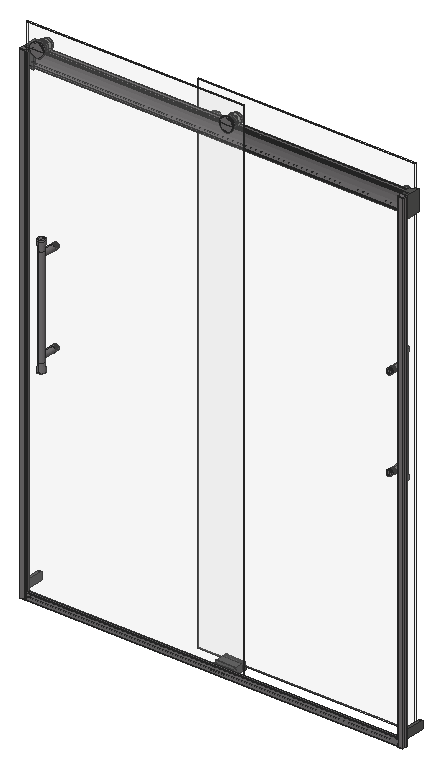
Revit family "Shower-Shower_Door-KOHLER-Elmbrook-K-706851_1", category Specialty Equipment, host Face, Revit 2022
Family settings
  Host = Face
  Round Connector Dimension = Use Diameter
  Part Type = Normal
  OmniClass Number = 23.31.17.17
  OmniClass Title = Shower Enclosures
  Cut with Voids When Loaded = No
  Maintain Annotation Orientation = No
  Shared = No
  Room Calculation Point = No
Parameters (values of type "ABZ-Anodized Dark Bronze")
  Width [instance] = Walk Through + 31 41/128" + 3/4"  # 54 161/256"
  WaterSense Certified = 1 = 0  # no
  Walk Through [instance] = 22 143/256"
  URL = "https://www.us.kohler.com/us/"
  Type = 1
  Product Page URL = "http://www.us.kohler.com/us/catalog/productDetails.jsp?productId=706851-8L"
  Product Name = "Elmbrook"  # constant formula
  Product Documentation Link = "https://www.us.kohler.com/webassets/kpna/catalog/pdf/en/K-706851-8L_spec_US-CA_Kohler_en.pdf"
  Model = if(Type = 1, "K-706851-8L-ABZ", if(Type = 2, "K-706851-8L-2MB", if(Type = 3, "K-706851-8L-BL", if(Type = 4, "K-706851-8L-BNK", if(Type = 5, "K-706851-8L-SHP", "NA")))))  # "K-706851-8L-ABZ"
  Material = "Premium Metal Construction"  # constant formula
  Master Format 2014 Name = "Shower Doors"  # constant formula
  Master Format 2014 = "10 28 19.16"  # constant formula
  Manufacturer Address = "444 Highland Dr, Kohler, WI 53044"  # constant formula
  Manufacturer = "Kohler Co."  # constant formula
  Length = 7 13/128"  # constant formula
  Height = 73 137/256"  # constant formula
  Finish = Kohler-Metal-ABZ-Anodized_Dark_Bronze
  Environmental Product Declaration = ""
  Description = "Frameless sliding shower door, 73-9/16 Inch H x 54-5/8 - 59-5/8 Inch W, with 5/16 Inch thick Crystal Clear glass"  # constant formula
  Default Elevation = 4"
  Declare Label = ""
  Date Modified = "07/15/2022"  # constant formula
  Date Created = "07/15/2022"  # constant formula
  Copyright = "Copyright Kohler Co."  # constant formula
  Contact Us = "https://www.us.kohler.com/us/static/contact.jsp"
  Assembly Code = "C1030200"
  ADA Compliant = 1 = 0  # no
Reference planes (in)
  plane 1 "Center (Front/Back)": y = 0
  plane 2: z = 0
  plane 3 "Center (Left/Right)": x = 0
  plane 4: y = 3.63755
  plane 5: x = 23.30813
  plane 6: y = -3.46402
  plane 7: x = -31.32077
  plane 8: x = -27.24966
  plane 9: x = -28.98353
  plane 10: x = -6.00655
  plane 11: x = -1.99889
  plane 12: x = 19.57609
  plane 13: x = 21.32125
  plane 14: y = 1.80157
  plane 15: y = -1.6812
  plane 16: y = 1.41679
  plane 17: y = 1.03488
  plane 18: y = 0.80074
  plane 19: x = -30.94253
  plane 20: x = -30.32966
  plane 21: x = -8.00256
  plane 22: x = 22.55859
  plane 23: x = 22.95639
  plane 24: z = 73.53516
  plane 25: z = 70.79309
  plane 26: z = 70.12659
  plane 27: z = 67.58059
  plane 28: z = 70.33864
  plane 29: z = 67.35303
  plane 30: z = 47.90708
  plane 31: z = 45.98127
  plane 32: z = 32.98057
  plane 33: z = 30.99181
  plane 34: z = 1.044
  plane 35: x = -4.39634
Dimensions and locks (in)
  locked: plane 7 to plane 3 "Center (Left/Right)" at 31.32077
  plane 7 to plane 5 = 54 161/256"
  locked: plane 21 to plane 10 at 1.996
  locked: plane 21 to plane 23 at 30.95895
  locked: plane 12 to plane 13 at 1.74516
  locked: plane 13 to plane 22 at 1.23734
  locked: plane 23 to plane 5 at 0.35174
  "Length": plane 4 to plane 6
  "Walk Through": plane 22 to plane 3 "Center (Left/Right)"
  locked: plane 3 "Center (Left/Right)" to plane 7 at 31.32077
  "Width": plane 5 to plane 7
  "Height": plane 24 to level
  aligned and locked: plane 2 to host face
  aligned and locked: level to host face
Automatic sketch dimensions
  host sketch curve to host sketch curve = 96"  (x2)
Nested families (in)
  nested 1: "K-706851" at (0, 0, 0), Walk Through <- "Walk Through", type "K-706851"
    with Walk Through 22 143/256"
Definition of nested family "K-706851"
  Parameters (values of type "K-706851")
    Walk Through [instance] = 22.55906"
    Material = none
    Default Elevation = 0"
  Reference planes (in)
    plane 1 "Center (Front/Back)": y = 0
    plane 2: z = 0
    plane 3 "Center (Left/Right)": x = 0
    plane 4: x = -1.99889
    plane 5: x = -31.32077
    plane 6: x = 23.31955
    plane 7: x = -30.94253
    plane 8: x = -30.32966
    plane 9: x = -28.98353
    plane 10 "D": x = -7.99114
    plane 11 "C": x = -5.99514
    plane 12 "B": x = -1.99889
    plane 13 "A": x = 21.32172
    plane 14: x = 22.96781
    plane 15 "E": x = 19.57655
    plane 16 "F": x = -27.24966
    plane 17: x = 22.55906
    plane 18: z = 73.53554
    plane 19: z = 47.90708
    plane 20: z = 30.99181
    plane 21: z = 70.33864
    plane 22: z = 67.58059
    plane 23: y = -3.4653
    plane 24: y = 3.63755
    plane 25: y = -0.32807
    plane 26: y = 0.50108
    plane 27: y = -1.56685
    plane 28: y = 1.80157
    plane 29: y = 1.41679
    plane 30: z = 1.044
    plane 31: y = 1.76048
    plane 32: y = -1.6812
    plane 33: z = 67.35303
    plane 34: y = 0.80074
    plane 35: y = -0.63332
    plane 36: y = 1.03488
    plane 37: z = 70.12659
    plane 38: z = 45.98127
    plane 39: z = 70.79309
    plane 40: z = 32.98057
  Forms (in)
    Extrusion 1, solid, material <- "Material"
      sketch origin (-6.04355, 0, 0) x (1, 0, 0) y (0, 1, 0)
        loop
          line (-24.61229, -1.05332) -> (-25.27722, -1.05332) -> (-25.27722, -1.69043) -> (-24.60951, -1.69043)
          arc (-24.60951, -1.69043) -> (-24.5332, -1.65882) -> (-24.50159, -1.58251) r 0.10792
          line (-24.50159, -1.58251) -> (-24.50159, -1.16402)
          arc (-24.50159, -1.16402) -> (-24.53401, -1.08574) -> (-24.61229, -1.05332) r 0.11069
        loop
          arc (28.7133, -1.03718) -> (28.63503, -1.06961) -> (28.60261, -1.14788) r 0.11069
          line (28.60261, -1.14788) -> (28.60261, -1.57328)
          arc (28.60261, -1.57328) -> (28.63422, -1.64959) -> (28.71053, -1.6812) r 0.10792
          line (28.71053, -1.6812) -> (29.3631, -1.6812) -> (29.3631, -1.03718) -> (28.7133, -1.03718)
      from 70.243 to 70.33864
    Extrusion 2, solid, material <- "Material", detail levels medium+fine
      sketch origin (-6.04355, 0, 0) x (1, 0, 0) y (0, 1, 0)
        loop
          line (-24.61626, -1.05474) -> (-25.27722, -1.07205) -> (-25.27722, -1.11406) -> (-25.27722, -1.62525) -> (-25.27722, -1.6717) -> (-24.62182, -1.68886)
          arc (-24.62182, -1.68886) -> (-24.5407, -1.65711) -> (-24.50683, -1.57685) r 0.11206
          line (-24.50683, -1.57685) -> (-24.50683, -1.16133)
          arc (-24.50683, -1.16133) -> (-24.53906, -1.08495) -> (-24.61626, -1.05474) r 0.10663
        loop
          arc (28.71203, -1.055) -> (28.63483, -1.08521) -> (28.60261, -1.16159) r 0.10663
          line (28.60261, -1.16159) -> (28.60261, -1.57659)
          arc (28.60261, -1.57659) -> (28.63647, -1.65685) -> (28.7176, -1.6886) r 0.11206
          line (28.7176, -1.6886) -> (29.3631, -1.6717) -> (29.3631, -1.62525) -> (29.3631, -1.11406) -> (29.3631, -1.07205) -> (28.71203, -1.055)
      from 0.078 to 70.243
    Extrusion 3, solid, material <- "Material", detail levels medium+fine
      sketch origin (0.10495, 0, 0) x (0, 1, 0) y (0, 0, 1)
        loop
          line (-0.399, 70.12659) -> (-0.399, 69.95357)
          arc (-0.399, 69.95357) -> (-0.3975, 69.93172) -> (-0.39303, 69.91028) r 0.15979
          arc (-0.39303, 69.91028) -> (-0.24718, 68.84257) -> (-0.399, 67.77568) r 3.90121
          line (-0.399, 67.77568) -> (-0.399, 67.60047)
          arc (-0.399, 67.60047) -> (-0.39318, 67.58641) -> (-0.37912, 67.58059) r 0.01988
          line (-0.37912, 67.58059) -> (0.51868, 67.58059)
          arc (0.51868, 67.58059) -> (0.53305, 67.58654) -> (0.539, 67.60091) r 0.02032
          line (0.539, 67.60091) -> (0.539, 67.90561)
          arc (0.539, 67.90561) -> (0.52004, 67.95472) -> (0.473, 67.97835) r 0.07308
          line (0.473, 67.97835) -> (0.473, 67.92617)
          arc (0.473, 67.92617) -> (0.46791, 67.90868) -> (0.45422, 67.89667) r 0.03256
          line (0.45422, 67.89667) -> (0.271, 67.81105) -> (0.09202, 67.89434)
          arc (0.09202, 67.89434) -> (0.07716, 67.89336) -> (0.07, 67.8803) r 0.01549
          line (0.07, 67.8803) -> (0.07, 67.84916)
          arc (0.07, 67.84916) -> (0.07427, 67.83452) -> (0.08575, 67.82446) r 0.02725
          line (0.08575, 67.82446) -> (0.22119, 67.76144)
          arc (0.22119, 67.76144) -> (0.23344, 67.75071) -> (0.238, 67.73507) r 0.02908
          line (0.238, 67.73507) -> (0.238, 67.70146)
          arc (0.238, 67.70146) -> (0.23189, 67.6867) -> (0.21712, 67.68059) r 0.02088
          line (0.21712, 67.68059) -> (-0.03548, 67.68059)
          arc (-0.03548, 67.68059) -> (-0.07898, 67.69861) -> (-0.097, 67.74211) r 0.06152
          line (-0.097, 67.74211) -> (-0.097, 69.71466)
          arc (-0.097, 69.71466) -> (-0.09058, 69.73016) -> (-0.07507, 69.73659) r 0.02193
          line (-0.07507, 69.73659) -> (-0.022, 69.73659)
          arc (-0.022, 69.73659) -> (-0.00644, 69.73014) -> (0, 69.71458) r 0.022
          line (0, 69.71458) -> (0, 69.66242)
          arc (0, 69.66242) -> (0.00669, 69.64627) -> (0.02283, 69.63959) r 0.02283
          line (0.02283, 69.63959) -> (0.46515, 69.63959)
          arc (0.46515, 69.63959) -> (0.48201, 69.6326) -> (0.489, 69.61574) r 0.02385
          line (0.489, 69.61574) -> (0.489, 69.45559) -> (0.539, 69.45559) -> (0.539, 70.10529)
          arc (0.539, 70.10529) -> (0.53276, 70.12035) -> (0.5177, 70.12659) r 0.0213
          line (0.5177, 70.12659) -> (0.478, 70.12659) -> (0.478, 69.73959) -> (0.1, 69.73959) -> (0.1, 69.77853)
          arc (0.1, 69.77853) -> (0.08299, 69.81958) -> (0.04194, 69.83659) r 0.05806
          line (0.04194, 69.83659) -> (-0.07706, 69.83659) -> (-0.07706, 69.87879)
          arc (-0.07706, 69.87879) -> (-0.06955, 69.89684) -> (-0.05434, 69.90914) r 0.03977
          line (-0.05434, 69.90914) -> (0.072, 69.96765) -> (0.072, 70.01561)
          arc (0.072, 70.01561) -> (0.06468, 70.02895) -> (0.04951, 70.02993) r 0.0158
          line (0.04951, 70.02993) -> (-0.131, 69.94559) -> (-0.333, 70.03959) -> (-0.333, 70.12659) -> (-0.399, 70.12659)
      from -31.19144 to 22.86287
    Extrusion 4, solid
      sketch origin (-5.99742, 0, 0) x (1, 0, 0) y (0, 1, 0)
        loop
          line (-24.33224, 0.64975) -> (-25.00224, 0.66145) -> (-25.00224, 1.02946) -> (-25.32336, 1.03507) -> (-25.32336, -1.02583) -> (-25.00224, -1.02023) -> (-25.00224, -0.48897) -> (-24.33224, -0.47728) -> (-24.33224, 0.64975)
        loop
          line (28.32846, 0.64895) -> (28.32846, -0.47648) -> (28.96523, -0.48759) -> (28.96523, -1.03718) -> (29.31697, -1.03718) -> (29.31697, 1.03422) -> (28.96523, 1.02808) -> (28.96523, 0.66007) -> (28.32846, 0.64895)
      from 67.35303 to 70.33864
    Extrusion 5, solid, detail levels medium+fine
      sketch origin (-5.99742, 0.00258, 0) x (0, 1, 0) y (0, 0, 1)
        loop
          line (-1.07301, 2.12737) -> (-1.07301, 1.05363) -> (1.54571, 1.05363)
          arc (1.54571, 1.05363) -> (1.72481, 1.12782) -> (1.79899, 1.30691) r 0.25328
          line (1.79899, 1.30691) -> (1.79899, 1.87971)
          arc (1.79899, 1.87971) -> (1.72645, 2.05483) -> (1.55133, 2.12737) r 0.24766
          line (1.55133, 2.12737) -> (-1.07301, 2.12737)
      from -25.32336 to -24.96124
    Revolve 6, solid, material <- "Material", detail levels medium+fine
      sketch origin (-32.09316, -179.9877, 70.79309) x (-1, 0, 0) y (0, -1, 0)
        loop
          line (-3.09733, -180.42981) -> (-2.41731, -180.42981) -> (-2.37233, -180.38483) -> (-2.37233, -180.12281) -> (-2.88733, -180.12281) -> (-2.88733, -180.06432) -> (-2.3511, -180.06432)
          arc (-2.3511, -180.06432) -> (-2.28612, -179.87731) -> (-2.3511, -179.69031) r 0.30157
          line (-2.3511, -179.69031) -> (-2.83153, -179.69031) -> (-2.83153, -179.64119) -> (-2.54617, -179.64119) -> (-2.54617, -179.5582) -> (-2.37001, -179.5582) -> (-2.37001, -179.357) -> (-2.94711, -179.357) -> (-2.94711, -179.3251) -> (-2.76661, -179.3251) -> (-2.76661, -179.04475) -> (-2.40589, -179.04475)
          arc (-2.40589, -179.04475) -> (-2.2933, -178.74069) -> (-2.08301, -178.49391) r 0.92813
          line (-2.08301, -178.49391) -> (-2.12772, -178.40615) -> (-3.09733, -178.40615) -> (-3.09733, -180.42981)
        axis (-3.09733, -180.42981) -> (-3.09733, -178.40615)
      angle from 0 to 360
    Extrusion 7, solid, material <- "Material", detail levels medium+fine
      sketch origin (0.10495, 0, 0) x (0, 1, 0) y (0, 0, 1)
        loop
          line (-1.22375, 1.044) -> (-1.52196, 1.044)
          arc (-1.52196, 1.044) -> (-1.5537, 1.03085) -> (-1.56685, 0.99911) r 0.04489
          line (-1.56685, 0.99911) -> (-1.56685, 0.0223)
          arc (-1.56685, 0.0223) -> (-1.56032, 0.00653) -> (-1.54455, 0) r 0.0223
          line (-1.54455, 0) -> (-0.90556, 0)
          arc (-0.90556, 0) -> (-0.89164, 0.00577) -> (-0.88588, 0.01969) r 0.01969
          line (-0.88588, 0.01969) -> (-0.88588, 0.05672)
          arc (-0.88588, 0.05672) -> (-0.89211, 0.07177) -> (-0.90716, 0.078) r 0.02128
          line (-0.90716, 0.078) -> (-1.23414, 0.078)
          arc (-1.23414, 0.078) -> (-1.33931, 0.12156) -> (-1.38288, 0.22673) r 0.14873
          line (-1.38288, 0.22673) -> (-1.38288, 0.33586)
          arc (-1.38288, 0.33586) -> (-1.34205, 0.38473) -> (-1.28669, 0.35325) r 0.04966
          line (-1.28669, 0.35325) -> (-1.26305, 0.29003)
          arc (-1.26305, 0.29003) -> (-1.23094, 0.27124) -> (-1.20604, 0.29888) r 0.02946
          line (-1.20604, 0.29888) -> (-1.17673, 0.88689) -> (-1.33432, 0.88689)
          arc (-1.33432, 0.88689) -> (-1.38606, 0.93863) -> (-1.33432, 0.99037) r 0.05174
          line (-1.33432, 0.99037) -> (-1.1774, 0.99037)
          arc (-1.1774, 0.99037) -> (-1.18831, 1.02779) -> (-1.22375, 1.044) r 0.04684
      from -31.06361 to 22.86287
    Extrusion 8, solid
      sketch origin (-4.39634, 1.32356, 48) x (0, -1, 0) y (0, 0, 1)
        loop
          line (-0.09323, -48) -> (1.75327, -48) -> (2.14897, -47.95745)
          arc (2.14897, -47.95745) -> (2.17783, -47.94284) -> (2.18979, -47.91279) r 0.04572
          line (2.18979, -47.91279) -> (2.19108, -47.839) -> (2.53177, -47.839)
          arc (2.53177, -47.839) -> (2.62139, -47.78712) -> (2.65677, -47.68979) r 0.15155
          arc (2.65677, -47.68979) -> (2.63194, -47.65721) -> (2.59395, -47.67251) r 0.03379
          line (2.59395, -47.67251) -> (2.56497, -47.72118)
          arc (2.56497, -47.72118) -> (2.52942, -47.73558) -> (2.50597, -47.70522) r 0.03174
          line (2.50597, -47.70522) -> (2.50096, -47.13154)
          arc (2.50096, -47.13154) -> (2.49453, -47.1163) -> (2.47923, -47.11) r 0.02173
          line (2.47923, -47.11) -> (2.11591, -47.11)
          arc (2.11591, -47.11) -> (2.10193, -47.11572) -> (2.09596, -47.1296) r 0.01995
          line (2.09596, -47.1296) -> (2.08472, -47.77406)
          arc (2.08472, -47.77406) -> (2.05857, -47.83492) -> (1.99726, -47.86) r 0.08747
          line (1.99726, -47.86) -> (1.77614, -47.86)
          arc (1.77614, -47.86) -> (1.74081, -47.84591) -> (1.72489, -47.81137) r 0.05132
          line (1.72489, -47.81137) -> (1.6808, -46.97021)
          arc (1.6808, -46.97021) -> (1.67357, -46.95451) -> (1.65751, -46.94811) r 0.02332
          line (1.65751, -46.94811) -> (0.59455, -46.94811)
          arc (0.59455, -46.94811) -> (0.56796, -46.95871) -> (0.55598, -46.98471) r 0.03862
          line (0.55598, -46.98471) -> (0.5141, -47.7839)
          arc (0.5141, -47.7839) -> (0.48918, -47.83795) -> (0.4339, -47.86) r 0.08031
          line (0.4339, -47.86) -> (0.24348, -47.86)
          arc (0.24348, -47.86) -> (0.17989, -47.83399) -> (0.15277, -47.77087) r 0.09072
          line (0.15277, -47.77087) -> (0.13884, -46.97293)
          arc (0.13884, -46.97293) -> (0.127, -46.94536) -> (0.09923, -46.934) r 0.03962
          line (0.09923, -46.934) -> (0, -46.934)
          arc (0, -46.934) -> (-0.0271, -46.94481) -> (-0.03932, -46.97131) r 0.03937
          line (-0.03932, -46.97131) -> (-0.09323, -48)
      from -2.72943 to 0
    Extrusion 9, solid
      sketch origin (0.10495, 0.00923, 0) x (1, 0, 0) y (0, 1, 0)
        loop
          line (22.86287, 1.10351) -> (-8.09608, 1.10351) -> (-8.09608, 0.79151) -> (22.86287, 0.79151) -> (22.86287, 1.10351)
      from 0.74592 to 73.53554
    Extrusion 10, solid
      sketch origin (0.10495, 0.00923, 0) x (1, 0, 0) y (0, 1, 0)
        loop
          arc (-31.04175, -0.64254) -> (-31.10461, -0.79854) -> (-31.04175, -0.95454) r 0.225
          line (-31.04175, -0.95454) -> (-0.16747, -0.95454)
          arc (-0.16747, -0.95454) -> (-0.10483, -0.79854) -> (-0.16747, -0.64254) r 0.22557
          line (-0.16747, -0.64254) -> (-31.04175, -0.64254)
      from 0.71474 to 73.53554
    Extrusion 11, solid, material <- "Material", detail levels coarse
      sketch origin (-31.09101, -180, 37.91339) x (-1, 0, 0) y (0, -1, 0)
        loop
          line (-0.54111, -178.94668) -> (0.22976, -178.94668) -> (0.22976, -178.30957) -> (-0.54111, -178.30957) -> (-0.54111, -178.94668)
        loop
          line (-53.63966, -178.95591) -> (-53.63966, -178.3188) -> (-54.41053, -178.3188) -> (-54.41053, -178.95591) -> (-53.63966, -178.95591)
      from -37.83539 to 32.42526
    Extrusion 12, solid, material <- "Material", detail levels coarse
      sketch origin (-1.86542, -0.63377, 48) x (0, 1, 0) y (0, 0, 1)
        loop
          line (0.244, 22.12659) -> (0.244, 19.77568) -> (0.244, 19.58059) -> (1.16168, 19.58059)
          arc (1.16168, 19.58059) -> (1.17605, 19.58654) -> (1.182, 19.60091) r 0.02032
          line (1.182, 19.60091) -> (1.182, 19.97835) -> (1.116, 19.97835) -> (1.116, 19.90544) -> (0.914, 19.81105) -> (0.713, 19.90459) -> (0.713, 19.83179) -> (0.881, 19.75361) -> (0.881, 19.68059) -> (0.546, 19.68059) -> (0.546, 21.73659) -> (0.643, 21.73659) -> (0.643, 21.63959) -> (1.132, 21.63959) -> (1.132, 21.45559) -> (1.182, 21.45559) -> (1.182, 22.12659) -> (1.121, 22.12659) -> (1.121, 21.73959) -> (0.743, 21.73959) -> (0.743, 21.83659) -> (0.56594, 21.83659) -> (0.56594, 21.89861) -> (0.715, 21.96765) -> (0.715, 22.04044) -> (0.512, 21.94559) -> (0.31, 22.03959) -> (0.31, 22.12659) -> (0.244, 22.12659)
      from -29.22108 to 25.18497
    Extrusion 13, solid, material <- "Material", detail levels coarse
      sketch origin (1.12671, -0.643, 48) x (0, 1, 0) y (0, 0, 1)
        loop
          line (-0.58243, -46.956) -> (-0.87992, -46.956)
          arc (-0.87992, -46.956) -> (-0.91098, -46.96887) -> (-0.92385, -46.99992) r 0.04392
          line (-0.92385, -46.99992) -> (-0.92385, -47.97858)
          arc (-0.92385, -47.97858) -> (-0.91757, -47.99373) -> (-0.90242, -48) r 0.02142
          line (-0.90242, -48) -> (-0.25314, -48)
          arc (-0.25314, -48) -> (-0.23879, -47.99406) -> (-0.23285, -47.97971) r 0.02029
          line (-0.23285, -47.97971) -> (-0.23285, -47.94167)
          arc (-0.23285, -47.94167) -> (-0.23861, -47.92776) -> (-0.25251, -47.922) r 0.01967
          line (-0.25251, -47.922) -> (-0.73987, -47.922) -> (-0.73987, -47.65281)
          arc (-0.73987, -47.65281) -> (-0.72888, -47.62627) -> (-0.70234, -47.61527) r 0.03754
          line (-0.70234, -47.61527) -> (-0.65546, -47.61527) -> (-0.61303, -47.72876) -> (-0.56442, -47.72876) -> (-0.53373, -47.11311) -> (-0.74306, -47.11311) -> (-0.74306, -47.081) -> (-0.18423, -47.081)
          arc (-0.18423, -47.081) -> (-0.16423, -47.06101) -> (-0.18423, -47.04101) r 0.01999
          line (-0.18423, -47.04101) -> (-0.74306, -47.04101) -> (-0.74306, -47.00963) -> (-0.53473, -47.00963)
          arc (-0.53473, -47.00963) -> (-0.54654, -46.97211) -> (-0.58243, -46.956) r 0.04802
      from -32.11937 to 21.84111
    Revolve 14, solid, material <- "Material", detail levels coarse
      sketch origin (-32.08086, -180, 70.79309) x (-1, 0, 0) y (0, -1, 0)
        loop
          line (-3.09733, -178.4149) -> (-3.09733, -180.44048) -> (-2.27986, -180.44048) -> (-2.27986, -179.69031) -> (-2.37001, -179.69031) -> (-2.37001, -179.5582) -> (-2.08301, -179.5582) -> (-2.08301, -178.4149) -> (-3.09733, -178.4149)
        axis (-3.09733, -180.44048) -> (-3.09733, -178.4149)
      angle from 0 to 360
    Revolve 15, solid, material <- "Material", detail levels medium+fine
      sketch origin (-26.11383, -180, 70.79309) x (-1, 0, 0) y (0, -1, 0)
        loop
          line (-24.83686, -180.12281) -> (-24.83686, -180.38346)
          arc (-24.83686, -180.38346) -> (-24.83378, -180.39893) -> (-24.82502, -180.41205) r 0.04044
          line (-24.82502, -180.41205) -> (-24.79726, -180.43981) -> (-24.11494, -180.43981) -> (-24.11494, -178.41538) -> (-25.06477, -178.41538)
          arc (-25.06477, -178.41538) -> (-25.0804, -178.41979) -> (-25.09142, -178.43172) r 0.02991
          line (-25.09142, -178.43172) -> (-25.11855, -178.48496)
          arc (-25.11855, -178.48496) -> (-25.12108, -178.50527) -> (-25.11002, -178.52248) r 0.03004
          arc (-25.11002, -178.52248) -> (-24.91062, -178.74935) -> (-24.81402, -179.03553) r 0.76865
          arc (-24.81402, -179.03553) -> (-24.80675, -179.04921) -> (-24.79225, -179.05468) r 0.02195
          line (-24.79225, -179.05468) -> (-24.44532, -179.05468) -> (-24.44532, -179.3251) -> (-24.26515, -179.3251) -> (-24.26515, -179.357) -> (-24.84225, -179.357) -> (-24.84225, -179.5582) -> (-24.66609, -179.5582) -> (-24.66609, -179.64119) -> (-24.38073, -179.64119) -> (-24.38073, -179.69031) -> (-24.86116, -179.69031)
          arc (-24.86116, -179.69031) -> (-24.92886, -179.87754) -> (-24.86116, -180.06478) r 0.29277
          line (-24.86116, -180.06478) -> (-24.32494, -180.06478) -> (-24.32494, -180.12281) -> (-24.83686, -180.12281)
        axis (-24.11494, -180.43981) -> (-24.11494, -178.41538)
      angle from 0 to 360
    Revolve 16, solid, material <- "Material", detail levels medium+fine
      sketch origin (-5.99514, 0, 0) x (0, -1, 0) y (0, 0, 1)
        loop
          line (-0.08551, 68.6302) -> (-1.75939, 68.6302) -> (-1.75939, 67.68725)
          arc (-1.75939, 67.68725) -> (-1.75384, 67.66757) -> (-1.73882, 67.65369) r 0.03767
          line (-1.73882, 67.65369) -> (-1.70717, 67.63756)
          arc (-1.70717, 67.63756) -> (-1.66717, 67.6318) -> (-1.63197, 67.65166) r 0.06268
          arc (-1.63197, 67.65166) -> (-1.41008, 67.8335) -> (-1.14325, 67.93889) r 0.92813
          arc (-1.14325, 67.93889) -> (-1.1158, 67.95605) -> (-1.10508, 67.98659) r 0.04889
          line (-1.10508, 67.98659) -> (-1.10508, 68.29506) -> (-0.82473, 68.29506) -> (-0.82473, 68.48785) -> (-0.79283, 68.48785) -> (-0.79283, 67.91076) -> (-0.6055, 67.91076) -> (-0.6055, 68.08692) -> (-0.50864, 68.08692) -> (-0.50864, 68.37227) -> (-0.45952, 68.37227) -> (-0.45952, 67.87954)
          arc (-0.45952, 67.87954) -> (-0.27251, 67.81456) -> (-0.08551, 67.87954) r 0.30157
          line (-0.08551, 67.87954) -> (-0.08551, 68.6302)
        axis (-0.08551, 68.6302) -> (-1.75939, 68.6302)
      angle from 0 to 360
    Revolve 17, solid, material <- "Material", detail levels medium+fine
      sketch origin (-27.24966, 0, 0) x (0, 1, 0) y (0, 0, 1)
        loop
          line (-0.33245, 45.95052) -> (-0.33245, 46.32193)
          arc (-0.33245, 46.32193) -> (-0.33898, 46.33769) -> (-0.35474, 46.34422) r 0.02229
          line (-0.35474, 46.34422) -> (-0.5569, 46.34422)
          arc (-0.5569, 46.34422) -> (-0.57231, 46.33997) -> (-0.58335, 46.32841) r 0.03003
          line (-0.58335, 46.32841) -> (-0.62145, 46.32841) -> (-0.62145, 46.16894)
          arc (-0.62145, 46.16894) -> (-0.62749, 46.15436) -> (-0.64207, 46.14832) r 0.02062
          line (-0.64207, 46.14832) -> (-0.94411, 46.14832) -> (-0.94411, 46.32876) -> (-0.98345, 46.32876)
          arc (-0.98345, 46.32876) -> (-0.99403, 46.34016) -> (-1.009, 46.34437) r 0.02871
          line (-1.009, 46.34437) -> (-2.89151, 46.34437) -> (-2.89151, 45.95052) -> (-0.33245, 45.95052)
        axis (-2.89151, 45.95052) -> (-0.33245, 45.95052)
      angle from 0 to 360
    Revolve 18, solid, material <- "Material", detail levels medium+fine
      sketch origin (-27.24966, 0, 78.90063) x (0, 1, 0) y (0, 0, 1)
        loop
          line (-0.33245, -45.95052) -> (-2.89151, -45.95052) -> (-2.89151, -46.34437) -> (-1.009, -46.34437)
          arc (-1.009, -46.34437) -> (-0.99403, -46.34016) -> (-0.98345, -46.32876) r 0.02871
          line (-0.98345, -46.32876) -> (-0.94411, -46.32876) -> (-0.94411, -46.14832) -> (-0.64207, -46.14832)
          arc (-0.64207, -46.14832) -> (-0.62749, -46.15436) -> (-0.62145, -46.16894) r 0.02062
          line (-0.62145, -46.16894) -> (-0.62145, -46.32841) -> (-0.58335, -46.32841)
          arc (-0.58335, -46.32841) -> (-0.57231, -46.33997) -> (-0.5569, -46.34422) r 0.03003
          line (-0.5569, -46.34422) -> (-0.35474, -46.34422)
          arc (-0.35474, -46.34422) -> (-0.33898, -46.33769) -> (-0.33245, -46.32193) r 0.02229
          line (-0.33245, -46.32193) -> (-0.33245, -45.95052)
        axis (-2.89151, -45.95052) -> (-0.33245, -45.95052)
      angle from 0 to 360
    Revolve 19, solid, material <- "Material", detail levels medium+fine
      sketch origin (-27.24966, 0, 0) x (0, 1, 0) y (0, 0, 1)
        loop
          arc (-2.50637, 46.55052) -> (-2.48291, 47.20013) -> (-2.41265, 47.84635) r 9.00524
          arc (-2.41265, 47.84635) -> (-2.42507, 47.88884) -> (-2.46533, 47.90725) r 0.05323
          line (-2.46533, 47.90725) -> (-2.93881, 47.90725) -> (-2.93881, 30.99378) -> (-2.46533, 30.99378)
          arc (-2.46533, 30.99378) -> (-2.42507, 31.01219) -> (-2.41265, 31.05468) r 0.05323
          arc (-2.41265, 31.05468) -> (-2.48291, 31.7009) -> (-2.50637, 32.35052) r 9.00524
          line (-2.50637, 32.35052) -> (-2.50637, 46.55052)
        axis (-2.93881, 47.90725) -> (-2.93881, 30.99378)
      angle from 0 to 360
    Revolve 20, solid, material <- "Material", detail levels coarse
      sketch origin (-5.99514, 0, 0) x (0, -1, 0) y (0, 0, 1)
        loop
          line (-0.08551, 68.6302) -> (-1.75939, 68.6302) -> (-1.75939, 67.63936) -> (-1.10508, 67.63936) -> (-1.10508, 67.98659) -> (-1.10508, 68.29506) -> (-0.82473, 68.29506) -> (-0.82473, 67.81284) -> (-0.08551, 67.81284) -> (-0.08551, 68.6302)
        axis (-0.08551, 68.6302) -> (-1.75939, 68.6302)
      angle from 0 to 360
    Revolve 21, solid, material <- "Material", detail levels coarse
      sketch origin (0, 0, 70.79232) x (1, 0, 0) y (0, 1, 0)
        loop
          line (-1.66851, -0.94532) -> (-1.66851, -0.643) -> (-1.21149, -0.643) -> (-1.21149, 0.43981) -> (-1.99889, 0.43981) -> (-1.99889, -1.58462) -> (-0.98925, -1.58462) -> (-0.98925, -0.94532) -> (-1.66851, -0.94532)
        axis (-1.99889, 0.43981) -> (-1.99889, -1.58462)
      angle from 0 to 360
    Revolve 22, solid, material <- "Material", detail levels coarse
      sketch origin (-27.24966, 0, 0) x (0, 1, 0) y (0, 0, 1)
        loop
          line (-0.33245, 32.95012) -> (-2.89151, 32.95012) -> (-2.89151, 32.55626) -> (-0.94411, 32.55626) -> (-0.94411, 32.75231) -> (-0.62145, 32.75231) -> (-0.62145, 32.55642) -> (-0.35474, 32.55642)
          arc (-0.35474, 32.55642) -> (-0.33898, 32.56294) -> (-0.33245, 32.5787) r 0.02229
          line (-0.33245, 32.5787) -> (-0.33245, 32.95012)
        axis (-2.89151, 32.95012) -> (-0.33245, 32.95012)
      angle from 0 to 360
    Revolve 23, solid, material <- "Material", detail levels coarse
      sketch origin (-27.24966, 0, 0) x (0, 1, 0) y (0, 0, 1)
        loop
          line (-0.33245, 45.95052) -> (-0.33245, 46.34422) -> (-0.62145, 46.34422) -> (-0.62145, 46.14832) -> (-0.94411, 46.14832) -> (-0.94411, 46.34437) -> (-2.89151, 46.34437) -> (-2.89151, 45.95052) -> (-0.33245, 45.95052)
        axis (-2.89151, 45.95052) -> (-0.33245, 45.95052)
      angle from 0 to 360
    Revolve 24, solid, material <- "Material", detail levels coarse
      sketch origin (-27.24966, 0, 0) x (0, 1, 0) y (0, 0, 1)
        loop
          line (-2.4141, 47.90725) -> (-2.93881, 47.90725) -> (-2.93881, 30.99378) -> (-2.4141, 30.99378) -> (-2.4141, 47.90725)
        axis (-2.93881, 47.90725) -> (-2.93881, 30.99378)
      angle from 0 to 360
    Extrusion 25, solid, detail levels coarse
      sketch origin (-4.97566, -0.643, 48) x (0, 1, 0) y (0, 0, 1)
        loop
          line (-0.42743, -45.87263) -> (-0.42743, -46.94637) -> (2.44457, -46.94637) -> (2.44457, -45.87263) -> (-0.42743, -45.87263)
      from -26.34512 to -25.96687
    Extrusion 26, solid, detail levels coarse
      sketch origin (-4.97566, -0.05245, 48) x (0, 1, 0) y (0, 0, 1)
        loop
          line (-0.98474, -45.87263) -> (-0.98474, -46.94637) -> (1.85402, -46.94637) -> (1.85402, -45.87263) -> (-0.98474, -45.87263)
      from 28.29521 to 27.94347
    Extrusion 27, solid, detail levels medium+fine
      sketch origin (-5.99742, -0.13662, -0.13919) x (0, 1, 0) y (0, 0, 1)
        loop
          line (-0.93382, 2.26656) -> (-0.93382, 1.19283) -> (1.68491, 1.19283)
          arc (1.68491, 1.19283) -> (1.864, 1.26701) -> (1.93819, 1.44611) r 0.25328
          line (1.93819, 1.44611) -> (1.93819, 2.0189)
          arc (1.93819, 2.0189) -> (1.86565, 2.19402) -> (1.69053, 2.26656) r 0.24766
          line (1.69053, 2.26656) -> (-0.93382, 2.26656)
      from 29.31697 to 28.96523
    Revolve 28, solid, material <- "Material", detail levels medium+fine
      sketch origin (21.32172, 0, 0) x (0, 1, 0) y (0, 0, 1)
        loop
          line (0.08551, 68.6302) -> (0.08551, 67.87954)
          arc (0.08551, 67.87954) -> (0.27251, 67.81456) -> (0.45952, 67.87954) r 0.30157
          line (0.45952, 67.87954) -> (0.45952, 68.37227) -> (0.50864, 68.37227) -> (0.50864, 68.08692) -> (0.6055, 68.08692) -> (0.6055, 67.91076) -> (0.79283, 67.91076) -> (0.79283, 68.48785) -> (0.82473, 68.48785) -> (0.82473, 68.29506) -> (1.10508, 68.29506) -> (1.10508, 67.98659)
          arc (1.10508, 67.98659) -> (1.1158, 67.95605) -> (1.14325, 67.93889) r 0.04889
          arc (1.14325, 67.93889) -> (1.41008, 67.8335) -> (1.63197, 67.65166) r 0.92813
          arc (1.63197, 67.65166) -> (1.66717, 67.6318) -> (1.70717, 67.63756) r 0.06268
          line (1.70717, 67.63756) -> (1.73882, 67.65369)
          arc (1.73882, 67.65369) -> (1.75384, 67.66757) -> (1.75939, 67.68725) r 0.03767
          line (1.75939, 67.68725) -> (1.75939, 68.6302) -> (0.08551, 68.6302)
        axis (0.08551, 68.6302) -> (1.75939, 68.6302)
      angle from 0 to 360
    Revolve 29, solid, material <- "Material", detail levels coarse
      sketch origin (21.32172, 0, 0) x (0, 1, 0) y (0, 0, 1)
        loop
          line (0.08551, 68.6302) -> (0.08551, 67.81284) -> (0.82473, 67.81284) -> (0.82473, 68.29506) -> (1.10508, 68.29506) -> (1.10508, 67.98659) -> (1.10508, 67.63936) -> (1.75939, 67.63936) -> (1.75939, 68.6302) -> (0.08551, 68.6302)
        axis (0.08551, 68.6302) -> (1.75939, 68.6302)
      angle from 0 to 360
    Revolve 30, solid, material <- "Material", detail levels coarse
      sketch origin (19.57655, 0, 0) x (0, 1, 0) y (0, 0, 1)
        loop
          line (0.51174, 32.95012) -> (0.51174, 32.5787)
          arc (0.51174, 32.5787) -> (0.51827, 32.56294) -> (0.53403, 32.55642) r 0.02229
          line (0.53403, 32.55642) -> (0.80074, 32.55642) -> (0.80074, 32.75231) -> (1.1234, 32.75231) -> (1.1234, 32.55626) -> (3.0708, 32.55626) -> (3.0708, 32.95012) -> (0.51174, 32.95012)
        axis (3.0708, 32.95012) -> (0.51174, 32.95012)
      angle from 0 to 360
    Revolve 31, solid, material <- "Material", detail levels medium+fine
      sketch origin (19.57655, 0, 0) x (0, 1, 0) y (0, 0, 1)
        loop
          line (0.51174, 32.95012) -> (0.51174, 32.5787)
          arc (0.51174, 32.5787) -> (0.51827, 32.56294) -> (0.53403, 32.55642) r 0.02229
          line (0.53403, 32.55642) -> (0.73619, 32.55642)
          arc (0.73619, 32.55642) -> (0.7516, 32.56067) -> (0.76264, 32.57222) r 0.03003
          line (0.76264, 32.57222) -> (0.80074, 32.57222) -> (0.80074, 32.7317)
          arc (0.80074, 32.7317) -> (0.80678, 32.74627) -> (0.82136, 32.75231) r 0.02062
          line (0.82136, 32.75231) -> (1.1234, 32.75231) -> (1.1234, 32.57187) -> (1.16274, 32.57187)
          arc (1.16274, 32.57187) -> (1.17332, 32.56047) -> (1.18829, 32.55626) r 0.02871
          line (1.18829, 32.55626) -> (3.16122, 32.55626) -> (3.16122, 32.95012) -> (0.51174, 32.95012)
        axis (3.16122, 32.95012) -> (0.51174, 32.95012)
      angle from 0 to 360
    Revolve 32, solid, material <- "Material", detail levels coarse
      sketch origin (19.57655, -0.24606, 0) x (0, 1, 0) y (0, 0, 1)
        loop
          line (2.83448, 47.90725) -> (2.83448, 30.99378) -> (3.35919, 30.99378) -> (3.35919, 47.90725) -> (2.83448, 47.90725)
        axis (3.35919, 47.90725) -> (3.35919, 30.99378)
      angle from 0 to 360
    Revolve 33, solid, material <- "Material", detail levels medium+fine
      sketch origin (19.57655, -0.25221, 0) x (0, 1, 0) y (0, 0, 1)
        loop
          arc (3.79163, 46.55052) -> (3.81509, 47.20013) -> (3.88535, 47.84635) r 9.00524
          arc (3.88535, 47.84635) -> (3.87293, 47.88884) -> (3.83267, 47.90725) r 0.05323
          line (3.83267, 47.90725) -> (3.35919, 47.90725) -> (3.35919, 30.99378) -> (3.83267, 30.99378)
          arc (3.83267, 30.99378) -> (3.87293, 31.01219) -> (3.88535, 31.05468) r 0.05323
          arc (3.88535, 31.05468) -> (3.81509, 31.7009) -> (3.79163, 32.35052) r 9.00524
          line (3.79163, 32.35052) -> (3.79163, 46.55052)
        axis (3.35919, 47.90725) -> (3.35919, 30.99378)
      angle from 0 to 360
    Revolve 34, solid, material <- "Material", detail levels coarse
      sketch origin (19.57655, 0, 0) x (0, 1, 0) y (0, 0, 1)
        loop
          line (0.51174, 45.95052) -> (3.0708, 45.95052) -> (3.0708, 46.34437) -> (1.1234, 46.34437) -> (1.1234, 46.14832) -> (0.80074, 46.14832) -> (0.80074, 46.34422) -> (0.51174, 46.34422) -> (0.51174, 45.95052)
        axis (3.0708, 45.95052) -> (0.51174, 45.95052)
      angle from 0 to 360
    Revolve 35, solid, material <- "Material", detail levels medium+fine
      sketch origin (19.57655, 0, 0) x (0, 1, 0) y (0, 0, 1)
        loop
          line (0.51174, 45.95052) -> (3.15063, 45.95052) -> (3.15063, 46.34437) -> (1.18829, 46.34437)
          arc (1.18829, 46.34437) -> (1.17332, 46.34016) -> (1.16274, 46.32876) r 0.02871
          line (1.16274, 46.32876) -> (1.1234, 46.32876) -> (1.1234, 46.14832) -> (0.82136, 46.14832)
          arc (0.82136, 46.14832) -> (0.80678, 46.15436) -> (0.80074, 46.16894) r 0.02062
          line (0.80074, 46.16894) -> (0.80074, 46.32841) -> (0.76264, 46.32841)
          arc (0.76264, 46.32841) -> (0.7516, 46.33997) -> (0.73619, 46.34422) r 0.03003
          line (0.73619, 46.34422) -> (0.53403, 46.34422)
          arc (0.53403, 46.34422) -> (0.51827, 46.33769) -> (0.51174, 46.32193) r 0.02229
          line (0.51174, 46.32193) -> (0.51174, 45.95052)
        axis (3.15063, 45.95052) -> (0.51174, 45.95052)
      angle from 0 to 360
  Cuts and joins
    joined: Extrusion 2, Extrusion 7, Revolve 17, Revolve 18, Revolve 19, Revolve 31, Revolve 33, Revolve 35
    joined: Extrusion 9, Extrusion 10
    joined: Extrusion 11, Extrusion 13, Revolve 22, Revolve 23, Revolve 24, Revolve 30, Revolve 32, Revolve 34
    joined: Extrusion 25, Extrusion 26
    joined: Extrusion 5, Extrusion 27
    joined: Revolve 14, Revolve 20, Revolve 21, Revolve 29
  Lines and regions (in)
    Masking region 1
      outline origin (0, 0, 0) x (1, 0, 0) y (0, 0, 1)
        loop
          line (-30.94253, 73.54331) -> (-30.94253, 70.33864) -> (-31.32077, 70.33864) -> (-31.32077, 0.081) -> (-30.99885, 0.081) -> (-30.99885, 0) -> (22.96781, 0) -> (22.96781, 0.078) -> (23.31955, 0.078) -> (23.31955, 70.33864) -> (22.96781, 70.33864) -> (22.96781, 73.54331) -> (-30.94253, 73.54331)
    Masking region 2
      outline origin (21.32172, 0, 0) x (0, 1, 0) y (0, 0, 1)
        loop
          line (1.42499, -0.0002) -> (1.37332, 1.05342) -> (1.54819, 1.05342)
          arc (1.54819, 1.05342) -> (1.72736, 1.12764) -> (1.80157, 1.30681) r 0.25338
          line (1.80157, 1.30681) -> (1.80157, 1.87839)
          arc (1.80157, 1.87839) -> (1.72865, 2.05445) -> (1.55259, 2.12738) r 0.24898
          line (1.55259, 2.12738) -> (1.11371, 2.12738) -> (1.11371, 32.55775) -> (2.6859, 32.55775) -> (2.6859, 32.35072)
          arc (2.6859, 32.35072) -> (2.66282, 31.70422) -> (2.59369, 31.06101) r 9.06469
          arc (2.59369, 31.06101) -> (2.60787, 31.01272) -> (2.65366, 30.99181) r 0.06059
          line (2.65366, 30.99181) -> (3.5526, 30.99181)
          arc (3.5526, 30.99181) -> (3.6168, 31.02091) -> (3.63721, 31.08838) r 0.08535
          arc (3.63721, 31.08838) -> (3.57469, 31.71818) -> (3.55382, 32.35072) r 9.59615
          line (3.55382, 32.35072) -> (3.55382, 46.54817)
          arc (3.55382, 46.54817) -> (3.57485, 47.20593) -> (3.63786, 47.86099) r 10.29612
          arc (3.63786, 47.86099) -> (3.62801, 47.89321) -> (3.59731, 47.90708) r 0.04088
          line (3.59731, 47.90708) -> (2.65366, 47.90708)
          arc (2.65366, 47.90708) -> (2.60787, 47.88617) -> (2.59369, 47.83788) r 0.06059
          arc (2.59369, 47.83788) -> (2.66282, 47.19467) -> (2.6859, 46.54817) r 9.06469
          line (2.6859, 46.54817) -> (2.6859, 46.33609) -> (1.11064, 46.33609) -> (1.11064, 67.96908)
          arc (1.11064, 67.96908) -> (1.39772, 67.85519) -> (1.63582, 67.65848) r 0.99119
          arc (1.63582, 67.65848) -> (1.65443, 67.64788) -> (1.67564, 67.65091) r 0.0331
          line (1.67564, 67.65091) -> (1.7424, 67.68493)
          arc (1.7424, 67.68493) -> (1.75571, 67.69723) -> (1.76062, 67.71467) r 0.03338
          line (1.76062, 67.71467) -> (1.76062, 67.81264) -> (1.76062, 69.59693)
          arc (1.76062, 69.59693) -> (1.75207, 69.61924) -> (1.73079, 69.63012) r 0.03338
          line (1.73079, 69.63012) -> (1.67521, 69.65917)
          arc (1.67521, 69.65917) -> (1.65561, 69.6617) -> (1.63826, 69.65224) r 0.03202
          arc (1.63826, 69.65224) -> (1.40183, 69.45738) -> (1.11708, 69.34429) r 0.98827
          line (1.11708, 69.34429) -> (1.11708, 73.44678)
          arc (1.11708, 73.44678) -> (0.96121, 73.51238) -> (0.80074, 73.45902) r 0.24023
          line (0.80074, 73.45902) -> (0.80074, 70.33864) -> (0.4395, 70.33864) -> (0.4395, 71.45023)
          arc (0.4395, 71.45023) -> (0.43647, 71.46558) -> (0.42785, 71.47863) r 0.04043
          line (0.42785, 71.47863) -> (0.39992, 71.50694) -> (0.1325, 71.50919) -> (0.1325, 71.27314) -> (0.07401, 71.27314) -> (0.07401, 71.52277)
          arc (0.07401, 71.52277) -> (-0.11104, 71.59381) -> (-0.29861, 71.52974) r 0.29075
          line (-0.29861, 71.52974) -> (-0.29861, 71.04946) -> (-0.34838, 71.04946) -> (-0.34838, 71.3128)
          arc (-0.34838, 71.3128) -> (-0.35436, 71.32723) -> (-0.36878, 71.3332) r 0.0204
          line (-0.36878, 71.3332) -> (-0.43332, 71.3332) -> (-0.43332, 71.51172) -> (-0.63332, 71.51355) -> (-0.63332, 73.47235)
          arc (-0.63332, 73.47235) -> (-0.78932, 73.53569) -> (-0.94532, 73.47235) r 0.22377
          line (-0.94532, 73.47235) -> (-0.94532, 71.47747)
          arc (-0.94532, 71.47747) -> (-1.24009, 71.59123) -> (-1.48412, 71.79193) r 0.99168
          arc (-1.48412, 71.79193) -> (-1.50361, 71.80281) -> (-1.52566, 71.79937) r 0.03425
          line (-1.52566, 71.79937) -> (-1.55821, 71.7823)
          arc (-1.55821, 71.7823) -> (-1.57667, 71.77052) -> (-1.58386, 71.74983) r 0.03338
          line (-1.58386, 71.74983) -> (-1.58386, 70.323) -> (-1.64229, 70.323)
          arc (-1.64229, 70.323) -> (-1.6698, 70.3116) -> (-1.6812, 70.28408) r 0.03892
          line (-1.6812, 70.28408) -> (-1.6812, 70.20411) -> (-1.6812, 46.33609) -> (-2.50543, 46.33609) -> (-2.50543, 46.54817)
          arc (-2.50543, 46.54817) -> (-2.48234, 47.19467) -> (-2.41321, 47.83788) r 9.06469
          arc (-2.41321, 47.83788) -> (-2.42739, 47.88617) -> (-2.47318, 47.90708) r 0.06059
          line (-2.47318, 47.90708) -> (-3.40857, 47.90708)
          arc (-3.40857, 47.90708) -> (-3.45248, 47.88702) -> (-3.46607, 47.8407) r 0.05809
          arc (-3.46607, 47.8407) -> (-3.39655, 47.1961) -> (-3.37334, 46.54817) r 9.05471
          line (-3.37334, 46.54817) -> (-3.37334, 32.35072)
          arc (-3.37334, 32.35072) -> (-3.39655, 31.7028) -> (-3.46607, 31.05819) r 9.05471
          arc (-3.46607, 31.05819) -> (-3.45248, 31.01187) -> (-3.40857, 30.99181) r 0.05809
          line (-3.40857, 30.99181) -> (-2.47318, 30.99181)
          arc (-2.47318, 30.99181) -> (-2.42739, 31.01272) -> (-2.41321, 31.06101) r 0.06059
          arc (-2.41321, 31.06101) -> (-2.48234, 31.70422) -> (-2.50543, 32.35072) r 9.06469
          line (-2.50543, 32.35072) -> (-2.50543, 32.55775) -> (-1.6812, 32.55775) -> (-1.6812, 0.07744) -> (-1.56685, 0.07744) -> (-1.56685, 0.0234)
          arc (-1.56685, 0.0234) -> (-1.55993, 0.00671) -> (-1.54324, -0.0002) r 0.0236
          line (-1.54324, -0.0002) -> (1.42499, -0.0002)
        loop
          line (1.11064, 33.34456) -> (2.6859, 33.34456) -> (2.6859, 45.54928) -> (1.11064, 45.54928) -> (1.11064, 33.34456)
        loop
          line (-1.68626, 33.34456) -> (-1.68626, 45.54928) -> (-2.50543, 45.54928) -> (-2.50543, 33.34456) -> (-1.68626, 33.34456)
        loop
          line (0.80074, 67.33907) -> (-0.63332, 67.33907) -> (-0.63332, 46.28688) -> (-0.33245, 46.28688) -> (-0.33245, 45.57753) -> (-0.63332, 45.57753) -> (-0.63332, 33.2968) -> (-0.58257, 33.2968) -> (-0.58257, 33.34456) -> (-0.32829, 33.34456) -> (-0.32829, 32.81633) -> (-0.32829, 32.55716) -> (-0.58257, 32.55716) -> (-0.58257, 32.61132) -> (-0.63332, 32.61132) -> (-0.63332, 2.12737) -> (0.80074, 2.12737) -> (0.80074, 32.61132) -> (0.75074, 32.61132) -> (0.75074, 32.55716) -> (0.50108, 32.55716) -> (0.50108, 32.81633) -> (0.50108, 33.34456) -> (0.75074, 33.34456) -> (0.75074, 33.2968) -> (0.80074, 33.2968) -> (0.80074, 45.57753) -> (0.50108, 45.57753) -> (0.50108, 46.28688) -> (0.80074, 46.28688) -> (0.80074, 67.33907)
    Masking region 3
      outline origin (0, 0, 0) x (1, 0, 0) y (0, 1, 0)
        loop
          line (-31.32077, 1.80758) -> (-31.32077, -1.68245) -> (-30.65518, -1.67178)
          arc (-30.65518, -1.67178) -> (-30.57923, -1.64091) -> (-30.54409, -1.56685) r 0.11311
          line (-30.54409, -1.56685) -> (-27.65094, -1.56685) -> (-27.65094, -2.60615)
          arc (-27.65094, -2.60615) -> (-27.25724, -3.46536) -> (-26.86354, -2.60615) r 0.5198
          line (-26.86354, -2.60615) -> (-26.86354, -1.5712) -> (22.55437, -1.5712)
          arc (22.55437, -1.5712) -> (22.58621, -1.6482) -> (22.66313, -1.68022) r 0.10903
          line (22.66313, -1.68022) -> (23.31955, -1.68185) -> (23.31955, -0.80597) -> (-0.0005, -0.80597)
          arc (-0.0005, -0.80597) -> (-0.01316, -0.71305) -> (-0.06252, -0.63332) r 0.22557
          line (-0.06252, -0.63332) -> (-1.21182, -0.63332) -> (-1.21182, -0.43332) -> (-1.4534, -0.43332) -> (-1.4534, -0.38977) -> (23.31955, -0.38977) -> (23.31955, 0.54823) -> (-1.66704, 0.54823) -> (-1.66704, 1.39691)
          arc (-1.66704, 1.39691) -> (-1.67286, 1.41096) -> (-1.68692, 1.41679) r 0.01987
          line (-1.68692, 1.41679) -> (-4.39634, 1.41679) -> (-4.39634, 0.54823) -> (-30.32966, 0.54823) -> (-30.32966, 0.61591)
          arc (-30.32966, 0.61591) -> (-30.33954, 0.64005) -> (-30.3635, 0.65034) r 0.03444
          line (-30.3635, 0.65034) -> (-30.92905, 0.66022)
          arc (-30.92905, 0.66022) -> (-30.95439, 0.6711) -> (-30.96483, 0.69662) r 0.03641
          line (-30.96483, 0.69662) -> (-30.96483, 1.75486)
          arc (-30.96483, 1.75486) -> (-30.9784, 1.78803) -> (-31.01133, 1.80218) r 0.04733
          line (-31.01133, 1.80218) -> (-31.32077, 1.80758)
        loop
          arc (-30.93814, -0.4879) -> (-30.95736, -0.49615) -> (-30.96528, -0.51551) r 0.02762
          line (-30.96528, -0.51551) -> (-30.96528, -0.63332) -> (-29.73268, -0.63332) -> (-29.73268, -0.43332) -> (-29.55671, -0.43332) -> (-29.55671, -0.38977) -> (-30.32966, -0.38977) -> (-30.32966, -0.43909)
          arc (-30.32966, -0.43909) -> (-30.3408, -0.46633) -> (-30.36784, -0.47794) r 0.03886
          line (-30.36784, -0.47794) -> (-30.93814, -0.4879)
        loop
          line (-4.49155, -0.63332) -> (-4.49155, -0.38977) -> (-26.85198, -0.38977) -> (-26.85198, -0.58662)
          arc (-26.85198, -0.58662) -> (-26.86448, -0.61847) -> (-26.89531, -0.63332) r 0.04682
          line (-26.89531, -0.63332) -> (-4.49155, -0.63332)
        loop
          line (-28.45498, -0.38977) -> (-28.45498, -0.43332) -> (-28.27704, -0.43332) -> (-28.27704, -0.63332) -> (-27.80773, -0.63332) -> (-27.59027, -0.63332)
          arc (-27.59027, -0.63332) -> (-27.62505, -0.61836) -> (-27.63938, -0.58332) r 0.05001
          line (-27.63938, -0.58332) -> (-27.63938, -0.38977) -> (-28.45498, -0.38977)
    Masking region 4
      outline origin (0, 0, 0) x (1, 0, 0) y (0, 1, 0)
        loop
          line (22.96781, 1.11274) -> (22.03048, 1.11274) -> (22.03048, 1.17129)
          arc (22.03048, 1.17129) -> (22.10331, 1.43419) -> (22.30105, 1.62213) r 0.51088
          arc (22.30105, 1.62213) -> (22.31488, 1.63922) -> (22.31219, 1.66105) r 0.02815
          line (22.31219, 1.66105) -> (22.26333, 1.74567)
          arc (22.26333, 1.74567) -> (22.2525, 1.75651) -> (22.23769, 1.76048) r 0.0296
          line (22.23769, 1.76048) -> (20.41476, 1.76048)
          arc (20.41476, 1.76048) -> (20.39941, 1.75672) -> (20.38753, 1.7463) r 0.03324
          line (20.38753, 1.7463) -> (20.33025, 1.66449)
          arc (20.33025, 1.66449) -> (20.32664, 1.64555) -> (20.3384, 1.63027) r 0.02353
          arc (20.3384, 1.63027) -> (20.53908, 1.43871) -> (20.61296, 1.17129) r 0.52092
          line (20.61296, 1.17129) -> (20.61296, 1.11274) -> (19.93013, 1.11274)
          arc (19.93013, 1.11274) -> (19.9585, 1.12449) -> (19.97025, 1.15287) r 0.04013
          line (19.97025, 1.15287) -> (19.97025, 2.69448)
          arc (19.97025, 2.69448) -> (19.57655, 3.63755) -> (19.18285, 2.69448) r 0.55371
          line (19.18285, 2.69448) -> (19.18285, 1.15401)
          arc (19.18285, 1.15401) -> (19.19494, 1.12483) -> (19.22412, 1.11274) r 0.04127
          line (19.22412, 1.11274) -> (-5.29778, 1.11274) -> (-5.29778, 1.22215)
          arc (-5.29778, 1.22215) -> (-5.22004, 1.47338) -> (-5.01401, 1.6368) r 0.44483
          arc (-5.01401, 1.6368) -> (-4.99866, 1.65489) -> (-5.00542, 1.67763) r 0.0249
          line (-5.00542, 1.67763) -> (-5.07654, 1.74875)
          arc (-5.07654, 1.74875) -> (-5.08953, 1.75743) -> (-5.10485, 1.76048) r 0.04004
          line (-5.10485, 1.76048) -> (-6.87463, 1.76048)
          arc (-6.87463, 1.76048) -> (-6.89539, 1.75728) -> (-6.91423, 1.74799) r 0.06905
          line (-6.91423, 1.74799) -> (-6.99185, 1.69364)
          arc (-6.99185, 1.69364) -> (-7.00603, 1.66331) -> (-6.98691, 1.63582) r 0.03354
          arc (-6.98691, 1.63582) -> (-6.76158, 1.43697) -> (-6.67778, 1.14836) r 0.5389
          line (-6.67778, 1.14836) -> (-6.67778, 1.11274) -> (-7.99114, 1.11274) -> (-7.99114, 0.80074) -> (-6.71457, 0.80074) -> (-6.71457, 0.6055) -> (-6.53841, 0.6055) -> (-6.53841, 0.54823) -> (-5.45186, 0.54823) -> (-5.45186, 0.6055) -> (-5.2757, 0.6055) -> (-5.2757, 0.80074) -> (19.22037, 0.80074)
          arc (19.22037, 0.80074) -> (19.19384, 0.78975) -> (19.18285, 0.76322) r 0.03752
          line (19.18285, 0.76322) -> (19.18285, 0.54823) -> (19.97025, 0.54823) -> (19.97025, 0.76311)
          arc (19.97025, 0.76311) -> (19.95923, 0.78972) -> (19.93262, 0.80074) r 0.03763
          line (19.93262, 0.80074) -> (20.61296, 0.80074) -> (20.61296, 0.60883) -> (20.79059, 0.60883) -> (20.79059, 0.54823) -> (21.85285, 0.54823) -> (21.85285, 0.60883) -> (22.03048, 0.60883) -> (22.03048, 0.80074) -> (22.96781, 0.80074) -> (22.96781, 0.68112)
          arc (22.96781, 0.68112) -> (22.9611, 0.66471) -> (22.9448, 0.65771) r 0.02341
          line (22.9448, 0.65771) -> (22.35336, 0.64768)
          arc (22.35336, 0.64768) -> (22.33756, 0.6409) -> (22.33104, 0.62498) r 0.0227
          line (22.33104, 0.62498) -> (22.33104, -0.45623)
          arc (22.33104, -0.45623) -> (22.33708, -0.47097) -> (22.35171, -0.47726) r 0.02104
          line (22.35171, -0.47726) -> (22.94759, -0.48766)
          arc (22.94759, -0.48766) -> (22.96191, -0.49381) -> (22.96781, -0.50823) r 0.02058
          line (22.96781, -0.50823) -> (22.96781, -1.03718) -> (23.31955, -1.03718) -> (23.31955, 1.80157) -> (23.02735, 1.80157)
          arc (23.02735, 1.80157) -> (22.98525, 1.78413) -> (22.96781, 1.74204) r 0.05953
          line (22.96781, 1.74204) -> (22.96781, 1.11274)
    symbolic lines, detail levels medium+fine
      curve 1: line (22.55906, 0, 67.35303) -> (22.55906, 0, 1.044)
      curve 2: line (-30.5499, 0, 1.044) -> (-30.5499, 0, 70.33864)
      curve 3: line (22.96781, 0, 0.078) -> (-30.99885, 0, 0.078)
      curve 4: line (-30.5499, 0, 70.33864) -> (-30.94253, 0, 70.33864)
      curve 5: circle (-1.98659, 0, 70.79309) r 0.98425 normal (0, -1, 0)
      curve 6: line (0.00012, 0, 73.53554) -> (0.00012, 0, 0.078)
      curve 7: line (22.3467, 0, 70.12659) -> (0.00012, 0, 70.12659)
      curve 8: line (22.3467, 0, 67.58059) -> (0.00012, 0, 67.58059)
      curve 9: line (22.3467, 0, 67.58059) -> (22.3467, 0, 70.33864)
      curve 10: line (22.3467, 0, 70.33864) -> (22.97765, 0, 70.33864)
      curve 11: line (22.3467, 0, 67.58059) -> (22.3467, 0, 67.35303)
      curve 12: line (22.3467, 0, 67.35303) -> (23.34416, 0, 67.35303)
      curve 13: line (-30.5499, 0, 1.044) -> (22.55906, 0, 1.044)
      curve 14: line (-30.5499, 0, 1.044) -> (-30.5499, 0, 0.078)
      curve 15: line (22.55906, 0, 1.044) -> (22.55906, 0, 0.078)
      curve 16: arc (-29.99785, 0, 70.79309) -> (-28.98353, 0, 69.77877) -> (-27.96921, 0, 70.79309) r 1.01432
      curve 17: arc (-27.96921, 0, 70.79309) -> (-28.98353, 0, 71.80741) -> (-29.99785, 0, 70.79309) r 1.01432
      curve 18: arc (19.58639, 0, 45.60337) -> (19.96429, 0, 45.98127) -> (19.58639, 0, 46.35917) r 0.3779
      curve 19: arc (19.58639, 0, 46.35917) -> (19.2085, 0, 45.98127) -> (19.58639, 0, 45.60337) r 0.3779
      curve 20: arc (19.58639, 0, 33.35847) -> (19.96429, 0, 32.98057) -> (19.58639, 0, 32.60267) r 0.3779
      curve 21: arc (19.58639, 0, 32.60267) -> (19.2085, 0, 32.98057) -> (19.58639, 0, 33.35847) r 0.3779
      curve 22: line (-26.81761, 0, 46.44803) -> (-26.81761, 0, 32.6685)
      curve 23: line (-27.6849, 0, 32.6685) -> (-27.6849, 0, 46.44803)
      curve 24: line (-27.72595, 0, 47.90708) -> (-26.84463, 0, 47.90708)
      curve 25: line (-27.71866, 0, 30.99181) -> (-26.86417, 0, 30.99181)
      curve 26: arc (-27.6849, 0, 46.44803) -> (-27.70726, 0, 47.15156) -> (-27.77423, 0, 47.85225) r 11.08205
      curve 27: arc (-26.77977, 0, 47.8052) -> (-26.80815, 0, 47.12688) -> (-26.81761, 0, 46.44803) r 24.3608
      curve 28: arc (-27.77639, 0, 31.05649) -> (-27.7078, 0, 31.8612) -> (-27.6849, 0, 32.6685) r 14.24743
      curve 29: arc (-26.81761, 0, 32.6685) -> (-26.80651, 0, 31.88366) -> (-26.77324, 0, 31.09945) r 27.7654
      curve 30: arc (-26.86417, 0, 30.99181) -> (-26.79372, 0, 31.02452) -> (-26.77324, 0, 31.09945) r 0.09223
      curve 31: arc (-27.71866, 0, 30.99181) -> (-27.76201, 0, 31.01122) -> (-27.77639, 0, 31.05649) r 0.05811
      curve 32: arc (-27.77423, 0, 47.85225) -> (-27.76248, 0, 47.89058) -> (-27.72595, 0, 47.90708) r 0.04867
      curve 33: arc (-26.84463, 0, 47.90708) -> (-26.78424, 0, 47.87394) -> (-26.77977, 0, 47.8052) r 0.07159
      curve 34: line (21.32172, 1.11064, 33.34456) -> (21.32172, 1.11064, 32.55716)
      curve 35: line (21.32172, -1.68626, 33.34456) -> (21.32172, -1.68626, 32.55716)
      curve 36: arc (21.32172, 2.6859, 33.34456) -> (21.32172, 2.8747, 32.95115) -> (21.32172, 2.6859, 32.55775) r 0.50428
      curve 37: arc (21.32172, -2.50543, 33.34456) -> (21.32172, -2.68986, 32.95115) -> (21.32172, -2.50543, 32.55775) r 0.5118
      curve 38: arc (21.32172, -2.50543, 46.33609) -> (21.32172, -2.70226, 45.94269) -> (21.32172, -2.50543, 45.54928) r 0.49156
      curve 39: line (21.32172, -1.68626, 46.33609) -> (21.32172, -1.68626, 45.54928)
      curve 40: line (21.32172, 1.11064, 46.33609) -> (21.32172, 1.11064, 45.54928)
      curve 41: arc (21.32172, 2.6859, 46.33609) -> (21.32172, 2.95782, 45.94269) -> (21.32172, 2.6859, 45.54928) r 0.42055
      curve 42: line (21.32172, 1.11371, 2.12738) -> (21.32172, -1.68602, 2.12738)
      curve 43: line (21.32172, 1.36625, 1.05342) -> (21.32172, -1.67941, 1.05342)
      curve 44: line (21.32172, 0.4395, 70.33864) -> (21.32172, -0.99532, 70.33864)
      curve 45: line (21.32172, -0.99456, 70.20352) -> (21.32172, 0.96056, 70.20352)
      curve 46: line (21.32172, -1.01496, 70.22392) -> (21.32172, -1.01496, 70.319)
      curve 47: arc (21.32172, -0.99532, 70.33864) -> (21.32172, -1.00921, 70.33289) -> (21.32172, -1.01496, 70.319) r 0.01964
      curve 48: arc (21.32172, -0.99456, 70.20352) -> (21.32172, -1.00899, 70.2095) -> (21.32172, -1.01496, 70.22392) r 0.0204
      curve 49: line (21.32172, 0.80074, 70.33867) -> (21.32172, 1.01306, 70.33867)
      curve 50: line (21.32172, 1.03496, 70.31677) -> (21.32172, 1.03496, 67.36195)
      curve 51: line (21.32172, 0.98003, 70.18406) -> (21.32172, 0.98003, 67.60665)
      curve 52: arc (21.32172, 0.96056, 70.20352) -> (21.32172, 0.97433, 70.19782) -> (21.32172, 0.98003, 70.18406) r 0.01946
      curve 53: arc (21.32172, 1.01306, 70.33867) -> (21.32172, 1.02854, 70.33226) -> (21.32172, 1.03496, 70.31677) r 0.0219
      curve 54: line (21.32172, 0.59023, 67.58001) -> (21.32172, 0.95473, 67.58127)
      curve 55: line (21.32172, 1.01208, 67.33907) -> (21.32172, -0.99271, 67.33907)
      curve 56: arc (21.32172, 0.98003, 67.60665) -> (21.32172, 0.97262, 67.58874) -> (21.32172, 0.95473, 67.58127) r 0.02539
      curve 57: arc (21.32172, 1.03496, 67.36195) -> (21.32172, 1.02826, 67.34577) -> (21.32172, 1.01208, 67.33907) r 0.02288
      curve 58: line (21.32172, 0.39992, 71.50694) -> (21.32172, 0.39992, 70.33864)
      curve 59: line (21.32172, 0.1325, 71.27314) -> (21.32172, 0.1325, 70.33864)
      curve 60: line (21.32172, 0.07401, 71.27314) -> (21.32172, 0.07401, 70.33864)
      curve 61: line (21.32172, -0.29861, 71.04946) -> (21.32172, -0.29861, 70.33864)
      curve 62: line (21.32172, -0.34838, 71.04946) -> (21.32172, -0.34838, 70.33864)
      curve 63: line (21.32172, -0.43332, 71.3332) -> (21.32172, -0.43332, 70.33864)
      curve 64: line (21.32172, -0.36878, 71.3332) -> (21.32172, -0.36878, 70.33864)
      curve 65: line (21.32172, -0.63332, 71.51355) -> (21.32172, -0.63332, 70.33864)
      curve 66: line (21.32172, -0.94532, 71.47747) -> (21.32172, -0.94532, 70.33864)
      curve 67: line (21.32172, 1.11708, 69.34429) -> (21.32172, 1.11708, 68.15342)
      curve 68: line (21.32172, 1.11064, 67.96908) -> (21.32172, 1.11708, 68.15342)
      curve 69: line (21.32172, -1.01496, 70.319) -> (21.32172, 1.03484, 70.319)
      curve 70: line (21.32172, -1.01496, 70.22392) -> (21.32172, 0.97305, 70.22392)
      curve 71: line (21.32172, 1.01306, 70.33867) -> (21.32172, 1.01306, 67.33909)
      curve 72: line (21.32172, 1.03496, 67.36195) -> (21.32172, -1.0144, 67.36195)
      curve 73: line (21.32172, -0.43085, 67.58604) -> (21.32172, -0.9992, 67.58604)
      curve 74: line (21.32172, -0.99496, 67.33918) -> (21.32172, -0.99496, 67.58604)
      curve 75: line (21.32172, -1.01611, 67.36246) -> (21.32172, -1.01611, 67.56802)
      curve 76: line (21.32172, 0.95368, 67.614) -> (21.32172, -1.62219, 67.614)
      curve 77: arc (21.32172, -0.99271, 67.33907) -> (21.32172, -1.00926, 67.34592) -> (21.32172, -1.01611, 67.36246) r 0.02339
      curve 78: arc (21.32172, -1.01611, 67.56802) -> (21.32172, -1.01122, 67.58038) -> (21.32172, -0.9992, 67.58604) r 0.01805
      curve 79: line (21.32172, -1.01611, 67.56802) -> (21.32172, -0.42606, 67.56802)
      curve 80: line (21.32172, 0.5956, 67.56532) -> (21.32172, 0.96769, 67.56532)
      curve 81: line (21.32172, 1.00242, 67.60005) -> (21.32172, 1.00242, 70.19455)
      curve 82: arc (21.32172, 0.97305, 70.22392) -> (21.32172, 0.99382, 70.21532) -> (21.32172, 1.00242, 70.19455) r 0.02937
